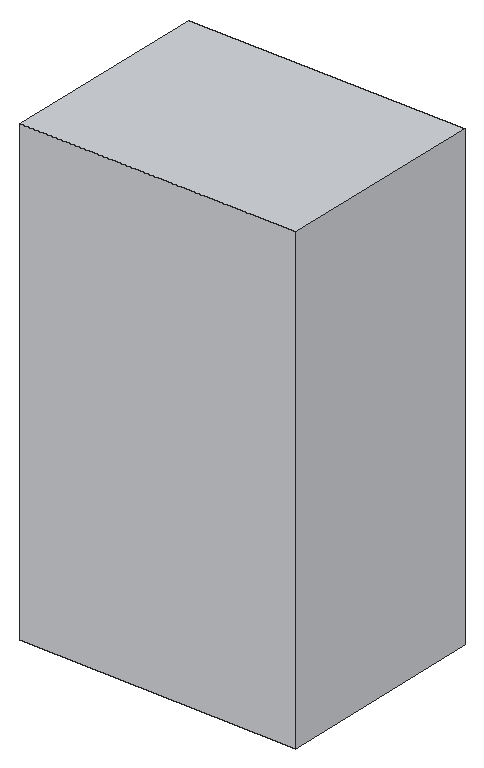
Revit family
Parameters
  Warranty Duration (Years) = 0
  Unit Width [instance] = 0' - 8"
  Unit Height [instance] = 0' - 9 99/256"
  Unit Depth = 0' - 0"
  URL = "http://www.americanspecialties.com/viewCategories.cfm"
  Trim Material = Metal - Stainless Steel
  Test Data = ""
  Specification = "http://www.arcat.com/sdspecs/htm/10810asi.htm"
  SpecWizard = ""
  Send Message = "http://www.arcat.com/users.pl?action=UserEmail&company=American%20Specialties,%20Inc.&coid=30448&rep=139&fax=914-476-0688&mf="
  Sales Information = "http://www.americanspecialties.com/contact"
  Revision = "R1_10-2010"
  Rod [instance] = 1' - 1 3/4"
  Product Properties = "http://www.americanspecialties.com/datasheets/82071.pdf"
  Product Data = "http://www.arcat.com/arcatcos/cos30/arc30448.html"
  Model = "As Specified in 10 28 13"
  Manufacturer Website = "http://www.americanspecialties.com/viewCategories.cfm"
  Manufacturer Phone - Toll Free = ""
  Manufacturer Phone = "914-476-9000 "
  Manufacturer Fax = "914-476-0688"
  Manufacturer Address = "441 Saw Mill River Rd., Yonkers, NY 10701"
  Manufacturer = "American Specialties, Inc."
  Maintenance Schedule (Months) = 0
  Keynote = "10 28 13"
  Installation-Fabrication = "http://www.americanspecialties.com/products.cfm"
  Green Building-LEED = ""
  Expected Lifespan (Years) = 0
  Drawn By = "Robert S. Weygant. CSI, CDT, SCIP"  # constant formula
  Description = "Toilet Accessory as Specified in 10 28 13"
  Default Elevation = 4' - 0"
  Copyright = "©Arcat Inc."
  Construction Details = "http://www.arcat.com/green/clients/leed_data_30448.html"
  Building Codes = "http://www.americanspecialties.com/products.cfm"
  Body Material = Metal - Stainless Steel
  Assembly Code = "C1030210"
Reference planes (in)
  plane 1 "Center (Front/Back)": y = -0.29112
  plane 2 "Floor Line": z = 0
  plane 3 "Center (Left/Right)": x = -0.65843
  plane 4: z = 52.69336
  plane 5: x = -4.65843
  plane 6: x = 3.34157
  plane 7: z = 48
  plane 8: z = 57.38672
Forms (in)
  Extrusion 1, solid
    sketch origin (-3, -9, -6) x (0, 0, -1) y (1, 0, 0)
      loop
        line (-82, 26) -> (-82, -19.34712) -> (-6, -19.34712) -> (-6, 26) -> (-82, 26)
    from 9 to -25.60721
  Sweep 2, solid, material "Metal - Stainless Steel" <- "Body Material"
    path origin (-5.64758, -3.1206, 4.13023) x (1, 0, 0) y (0, -0.5, -0.866025)
      loop
        line (0.98915, 0) -> (0.98915, 2.57066)
        arc (0.98915, 2.57066) -> (1.40779, 3.58136) -> (2.41849, 4) r 1.42934
        line (2.41849, 4) -> (7.79761, 4)
        arc (7.79761, 4) -> (8.64016, 3.651) -> (8.98915, 2.80846) r 1.19154
        line (8.98915, 2.80846) -> (8.98915, 0)
    profile origin (-4.65843, -3.76327, 3.0171) x (-1, 0, 0) y (0, 0.866025, -0.5)
      loop
        circle (0, 0) r 0.5
  Sweep 3, solid, material "Metal - Stainless Steel" <- "Body Material"
    path origin (-0.65843, -5.12677, 4.66778) x (0, 0, -1) y (0, 1, 0)
      loop
        line (0.53755, 2.00616) -> (-3.33278, 4.24069)
        arc (-3.33278, 4.24069) -> (-4.14475, 4.82505) -> (-4.82414, 5.55934) r 5
        line (-4.82414, 5.55934) -> (-9.59645, 11.88449)
    profile origin (-0.65843, -2.00334, 6.06539) x (0, -0.866025, 0.5) y (1, 0, 0)
      loop
        circle (0, 4) r 0.5
  Extrusion 4, solid, material "Metal - Stainless Steel" <- "Body Material"
    sketch origin (-20.53159, -4.95761, 5.50069) x (0, 0, -1) y (0, 1, 0)
      loop
        circle (-8.74931, 11.69648) r 0.5
    from 26.74816 to 12.99816
  Extrusion 5, solid, material "Metal - Stainless Steel" <- "Body Material"
    sketch origin (5.87175, -5.36114, 5.68346) x (1, 0, 0) y (0, 0, -1)
      loop
        line (-14.65518, 3.49596) -> (-14.65518, -9.50404) -> (-13.40518, -9.50404) -> (-13.40518, 3.49596) -> (-14.65518, 3.49596)
    from 11.3463 to 12.6
  Extrusion 6, solid, material "Metal - Stainless Steel" <- "Body Material"
    sketch origin (-7.18862, -5.36114, 5.68346) x (-1, 0, 0) y (0, 0, 1)
      loop
        line (-14.65518, -3.49596) -> (-13.40518, -3.49596) -> (-13.40518, 9.50404) -> (-14.65518, 9.50404) -> (-14.65518, -3.49596)
    from 11.3463 to 12.6
  Extrusion 7, solid, material "Metal - Stainless Steel" <- "Body Material"
    sketch origin (-2.15843, 10.13464, -5.81661) x (0, 1, 0) y (0, 0, 1)
      loop
        line (-8.53943, 7.19161) -> (-15.41443, 7.19161)
        arc (-15.41443, 7.19161) -> (-15.76799, 7.04516) -> (-15.91443, 6.69161) r 0.5
        line (-15.91443, 6.69161) -> (-15.91443, 6.06661) -> (-16.41443, 6.06661) -> (-16.41443, 5.94161) -> (-15.78943, 5.94161) -> (-15.78943, 6.69161)
        arc (-15.78943, 6.69161) -> (-15.6796, 6.95677) -> (-15.41443, 7.06661) r 0.375
        line (-15.41443, 7.06661) -> (-8.53943, 7.06661)
        arc (-8.53943, 7.06661) -> (-8.27427, 6.95677) -> (-8.16443, 6.69161) r 0.375
        line (-8.16443, 6.69161) -> (-8.16443, 5.94161) -> (-7.53943, 5.94161) -> (-7.53943, 6.06661) -> (-8.03943, 6.06661) -> (-8.03943, 6.69161)
        arc (-8.03943, 6.69161) -> (-8.18588, 7.04516) -> (-8.53943, 7.19161) r 0.5
    from 0 to 3
  Extrusion 8, solid, material "Metal - Stainless Steel" <- "Body Material"
    sketch origin (-0.65843, 0, -0.06661) x (0, 1, 0) y (0, 0, 1)
      loop
        line (2.59521, 0.19161) -> (-6.27979, 0.19161) -> (-6.27979, 0.06661) -> (2.59521, 0.06661) -> (2.59521, 0.19161)
    from -1.5 to 1.5
  Extrusion 9, solid, material "Metal - Stainless Steel" <- "Body Material"
    sketch origin (-20.53159, -4.95761, 11.8765) x (0, 0, 1) y (0, -1, 0)
      loop
        circle (-8.74931, -11.69648) r 0.5
    from 26.74816 to 12.99816
  Sweep 10, solid, material "Metal - Stainless Steel" <- "Body Material"
    path origin (-0.65843, -5.12677, 4.66778) x (0, 0, -1) y (0, -1, 0)
      loop
        line (0.53755, -2.00616) -> (-3.33278, -4.24069)
        arc (-3.33278, -4.24069) -> (-4.14475, -4.82505) -> (-4.82414, -5.55934) r 5
        line (-4.82414, -5.55934) -> (-9.59645, -11.88449)
    profile origin (-0.65843, -2.00334, 6.06539) x (0, 0.866025, -0.5) y (-1, 0, 0)
      loop
        circle (0, 4) r 0.5
  Sweep 11, solid, material "Metal - Stainless Steel" <- "Body Material"
    path origin (-0.47093, -0.20055, 0) x (0, 1, 0) y (0, 0, -1)
      loop
        line (6.93958, -3.12719) -> (4.53957, -3.12719)
        arc (4.53957, -3.12719) -> (3.83246, -2.8343) -> (3.53957, -2.12719) r 1
        line (3.53957, -2.12719) -> (3.53957, -0.125)
    profile origin (-0.47093, 5.53903, 3.12719) x (0, 0, 1) y (-1, 0, 0)
      loop
        circle (0, -5.9375) r 0.5
  Extrusion 12, solid, material "Metal - Stainless Steel" <- "Body Material"
    sketch origin (-1.17184, -0.29667, 0) x (-1, 0, 0) y (0, -1, 0)
      loop
        circle (-6.63841, -3.66053) r 1.13038
      loop
        circle (-6.63636, -2.77254) r 0.125
      loop
        circle (-5.87041, -4.1063) r 0.125
      loop
        circle (-7.40641, -4.1063) r 0.125
    from 0 to 0.125
  Extrusion 13, solid, material "Metal - Stainless Steel" <- "Trim Material"
    sketch origin (104.53426, 7.55136, 26.37808) x (-1, 0, 0) y (0, 0, -1)
      loop
        line (96.19269, 25.00308) -> (96.19269, 22.32808) -> (114.19269, 22.32808) -> (114.19269, 25.00308) -> (96.19269, 25.00308)
      loop
        arc (96.19269, 12.37808) -> (96.77848, 10.96387) -> (98.19269, 10.37808) r 2
        line (98.19269, 10.37808) -> (112.19269, 10.37808)
        arc (112.19269, 10.37808) -> (113.60691, 10.96387) -> (114.19269, 12.37808) r 2
        line (114.19269, 12.37808) -> (114.19269, 13.05308) -> (96.19269, 13.05308) -> (96.19269, 12.37808)
      loop
        line (96.19269, 21.82808) -> (96.19269, 19.40308) -> (114.19269, 19.40308) -> (114.19269, 21.82808) -> (96.19269, 21.82808)
      loop
        line (96.19269, 18.90308) -> (96.19269, 16.47808) -> (114.19269, 16.47808) -> (114.19269, 18.90308) -> (96.19269, 18.90308)
      loop
        line (96.19269, 15.97808) -> (96.19269, 13.55308) -> (114.19269, 13.55308) -> (114.19269, 15.97808) -> (96.19269, 15.97808)
    from 0 to 0.3125
  Sweep 14, solid, material "Metal - Stainless Steel" <- "Body Material"
    path origin (-12.72093, -0.20055, 0) x (0, 1, 0) y (0, 0, -1)
      loop
        line (6.93958, -3.12719) -> (4.53957, -3.12719)
        arc (4.53957, -3.12719) -> (3.83246, -2.8343) -> (3.53957, -2.12719) r 1
        line (3.53957, -2.12719) -> (3.53957, -0.125)
    profile origin (-12.72093, 5.53903, 3.12719) x (0, 0, 1) y (-1, 0, 0)
      loop
        circle (0, -5.9375) r 0.5
  Extrusion 15, solid, material "Metal - Stainless Steel" <- "Body Material"
    sketch origin (-13.42184, -0.29667, 0) x (-1, 0, 0) y (0, -1, 0)
      loop
        circle (-6.63841, -3.66053) r 1.13038
      loop
        circle (-6.63636, -2.77254) r 0.125
      loop
        circle (-5.87041, -4.1063) r 0.125
      loop
        circle (-7.40641, -4.1063) r 0.125
    from 0 to 0.125
Cuts and joins
  joined: Sweep 2, Sweep 3, Sweep 10
  joined: Extrusion 9, Sweep 11, Sweep 14
Dimensions and locks (in)
  equal spacing: plane 8, plane 4, plane 7
  equal spacing: plane 6, plane 3 "Center (Left/Right)", plane 5
  "Unit Width": plane 6 to plane 5
  "Unit Height": plane 8 to plane 7
  "Default Elevation": plane 7 to plane 2 "Floor Line"
  Sweep 2 sketch curve to Sweep 2 sketch curve = 0' - 8"
  "Unit Width": Sweep 2 sketch curve to Sweep 2 sketch curve
  Extrusion 4 to plane 3 "Center (Left/Right)" to Extrusion 4 = 0' - 6 7/8", 0' - 6 7/8"
  equal spacing: Extrusion 4, plane 3 "Center (Left/Right)", Extrusion 4
  Extrusion 7 sketch curve to Extrusion 7 sketch curve = 0' - 1 1/8"
  Extrusion 7 sketch curve to Extrusion 7 sketch curve = 0' - 0 1/8"
  Extrusion 9 to Extrusion 9 = 1' - 1 3/4"
  locked: Extrusion 13 sketch curve to Extrusion 13 sketch curve at 14.625
  locked: Extrusion 13 sketch curve to Extrusion 13 sketch curve at 18
  radius of Sweep 2 sketch curve = 0' - 1.42934"
  radius of Sweep 2 sketch curve = 0' - 1.19154"
  aligned and locked: Extrusion 1 to level
  aligned and locked: plane 5 to Sweep 2 sketch curve
  aligned and locked: Sweep 3 to plane 6
  aligned and locked: Extrusion 8 to Extrusion 7
  aligned and locked: Extrusion 7 sketch curve to Extrusion 8
Automatic sketch dimensions
  Extrusion 1 sketch curve to Extrusion 1 sketch curve = 6' - 4"
  Extrusion 1 sketch curve to Extrusion 1 sketch curve = 3' - 9.34712"
  Sweep 2 sketch curve to Sweep 2 sketch curve = 0' - 0"
  Sweep 2 sketch curve to Sweep 2 sketch curve = 0' - 2.57066"
  Sweep 2 sketch curve to profile plane = 0' - 0"  (x2)
  Sweep 3 sketch curve to plane 1 "Center (Front/Back)" = 0' - 7.04884"
  level to Sweep 3 sketch curve = 1' - 2.26423"
  Sweep 3 sketch curve to plane 1 "Center (Front/Back)" = 0' - 0.7237"
  Sweep 3 sketch curve to Sweep 3 sketch curve = 0' - 4.77231"
  plane 1 "Center (Front/Back)" to Sweep 3 sketch curve = 0' - 0.59495"
  Sweep 3 sketch curve to Sweep 3 sketch curve = 0' - 1.49137"
  Sweep 3 sketch curve to plane 1 "Center (Front/Back)" = 0' - 3.73517"
  level to Sweep 3 sketch curve = 0' - 4.13023"
  plane 1 "Center (Front/Back)" to Sweep 3 sketch curve = 0' - 2.82949"
  Sweep 3 sketch curve to profile plane = 0' - 0"
  profile plane to Sweep 3 sketch curve = 0' - 4"
  Extrusion 4 sketch curve to plane 1 "Center (Front/Back)" = 0' - 7.02998"
  level to Extrusion 4 sketch curve = 1' - 2 1/4"
  Extrusion 5 sketch curve to plane 5 = 0' - 4 1/8"
  Extrusion 5 sketch curve to Extrusion 5 sketch curve = 0' - 1 1/4"
  level to Extrusion 5 sketch curve = 1' - 3 3/16"
  level to Extrusion 5 sketch curve = 0' - 2 3/16"
  plane 6 to Extrusion 6 sketch curve = 0' - 4 1/8"
  Extrusion 6 sketch curve to Extrusion 6 sketch curve = 0' - 1 1/4"
  level to Extrusion 6 sketch curve = 0' - 2 3/16"
  Extrusion 6 sketch curve to Extrusion 6 sketch curve = 1' - 1"
  Extrusion 7 sketch curve to Extrusion 7 sketch curve = 0' - 0"  (x4)
  level to Extrusion 7 sketch curve = 0' - 0 1/4"
  plane 1 "Center (Front/Back)" to Extrusion 7 sketch curve = 0' - 5.98868"
  Extrusion 7 sketch curve to Extrusion 7 sketch curve = 0' - 0 1/2"  (x2)
  Extrusion 7 sketch curve to Extrusion 7 sketch curve = 0' - 0 1/8"  (x2)
  Extrusion 7 sketch curve to Extrusion 7 sketch curve = 0' - 0 3/8"  (x2)
  Extrusion 7 sketch curve to plane 1 "Center (Front/Back)" = 0' - 1.88632"
  level to Extrusion 7 sketch curve = 0' - 0 1/8"
  Extrusion 8 sketch curve to level = 0' - 0"
  level to Extrusion 8 sketch curve = 0' - 0 1/8"
  plane 1 "Center (Front/Back)" to Extrusion 8 sketch curve = 0' - 5.98868"
  Extrusion 8 sketch curve to plane 1 "Center (Front/Back)" = 0' - 2.88632"
  level to Extrusion 9 sketch curve = 0' - 3.12719"
  Extrusion 9 sketch curve to plane 1 "Center (Front/Back)" = 0' - 7.02998"
  Sweep 10 sketch curve to plane 1 "Center (Front/Back)" = 0' - 7.04884"
  level to Sweep 10 sketch curve = 1' - 2.26423"
  Sweep 10 sketch curve to plane 1 "Center (Front/Back)" = 0' - 0.7237"
  Sweep 10 sketch curve to Sweep 10 sketch curve = 0' - 4.77231"
  plane 1 "Center (Front/Back)" to Sweep 10 sketch curve = 0' - 0.59495"
  Sweep 10 sketch curve to Sweep 10 sketch curve = 0' - 1.49137"
  Sweep 10 sketch curve to plane 1 "Center (Front/Back)" = 0' - 3.73517"
  level to Sweep 10 sketch curve = 0' - 4.13023"
  plane 1 "Center (Front/Back)" to Sweep 10 sketch curve = 0' - 2.82949"
  Sweep 10 sketch curve to profile plane = 0' - 0"
  profile plane to Sweep 10 sketch curve = 0' - 4"
  level to Sweep 11 sketch curve = 0' - 0 1/8"
  Sweep 11 sketch curve to plane 1 "Center (Front/Back)" = 0' - 3.63014"
  Sweep 11 sketch curve to Sweep 11 sketch curve = 0' - 1"
  Sweep 11 sketch curve to Sweep 11 sketch curve = 0' - 2.40001"
  Sweep 11 sketch curve to Sweep 11 sketch curve = 0' - 2.00219"
  Sweep 11 sketch curve to profile plane = 0' - 0"
  Sweep 11 sketch curve to profile plane = 0' - 5 15/16"
  Extrusion 12 sketch curve to plane 6 = 0' - 2.893"
  Extrusion 12 sketch curve to Extrusion 12 sketch curve = 0' - 0.768"  (x2)
  Extrusion 12 sketch curve to Extrusion 12 sketch curve = 0' - 0.00205"
  plane 1 "Center (Front/Back)" to Extrusion 12 sketch curve = 0' - 2.76699"
  Extrusion 12 sketch curve to Extrusion 12 sketch curve = 0' - 0.88799"
  Extrusion 12 sketch curve to Extrusion 12 sketch curve = 0' - 0.44577"  (x2)
  level to Extrusion 13 sketch curve = 0' - 1 3/8"
  plane 6 to Extrusion 13 sketch curve = 0' - 5"  (x2)
  Extrusion 13 sketch curve to Extrusion 13 sketch curve = 0' - 0"  (x6)
  Extrusion 13 sketch curve to Extrusion 13 sketch curve = 0' - 2"  (x2)
  Extrusion 13 sketch curve to plane 5 = 0' - 3"
  Extrusion 13 sketch curve to Extrusion 13 sketch curve = 0' - 0.675"
  Extrusion 13 sketch curve to Extrusion 13 sketch curve = 0' - 0 1/2"  (x4)
  Extrusion 13 sketch curve to Extrusion 13 sketch curve = 0' - 2.425"  (x3)
  level to Sweep 14 sketch curve = 0' - 0 1/8"
  Sweep 14 sketch curve to plane 1 "Center (Front/Back)" = 0' - 3.63014"
  Sweep 14 sketch curve to Sweep 14 sketch curve = 0' - 1"
  Sweep 14 sketch curve to Sweep 14 sketch curve = 0' - 2.40001"
  Sweep 14 sketch curve to Sweep 14 sketch curve = 0' - 2.00219"
  Sweep 14 sketch curve to profile plane = 0' - 0"
  Sweep 14 sketch curve to profile plane = 0' - 5 15/16"
  plane 5 to Extrusion 15 sketch curve = 0' - 1.357"
  Extrusion 15 sketch curve to Extrusion 15 sketch curve = 0' - 0.768"  (x2)
  Extrusion 15 sketch curve to Extrusion 15 sketch curve = 0' - 0.00205"
  plane 1 "Center (Front/Back)" to Extrusion 15 sketch curve = 0' - 2.76699"
  Extrusion 15 sketch curve to Extrusion 15 sketch curve = 0' - 0.88799"
  Extrusion 15 sketch curve to Extrusion 15 sketch curve = 0' - 0.44577"  (x2)
  radius of Sweep 2 sketch curve = 0' - 0 1/2"
  radius of Sweep 3 sketch curve = 0' - 0 1/2"
  radius of Extrusion 4 sketch curve = 0' - 0 1/2"
  radius of Extrusion 9 sketch curve = 0' - 0 1/2"
  radius of Sweep 10 sketch curve = 0' - 0 1/2"
  radius of Sweep 11 sketch curve = 0' - 0 1/2"
  radius of Extrusion 12 sketch curve = 0' - 1.13038"
  radius of Extrusion 12 sketch curve = 0' - 0 1/8"  (x3)
  radius of Sweep 14 sketch curve = 0' - 0 1/2"
  radius of Extrusion 15 sketch curve = 0' - 1.13038"
  radius of Extrusion 15 sketch curve = 0' - 0 1/8"  (x3)
